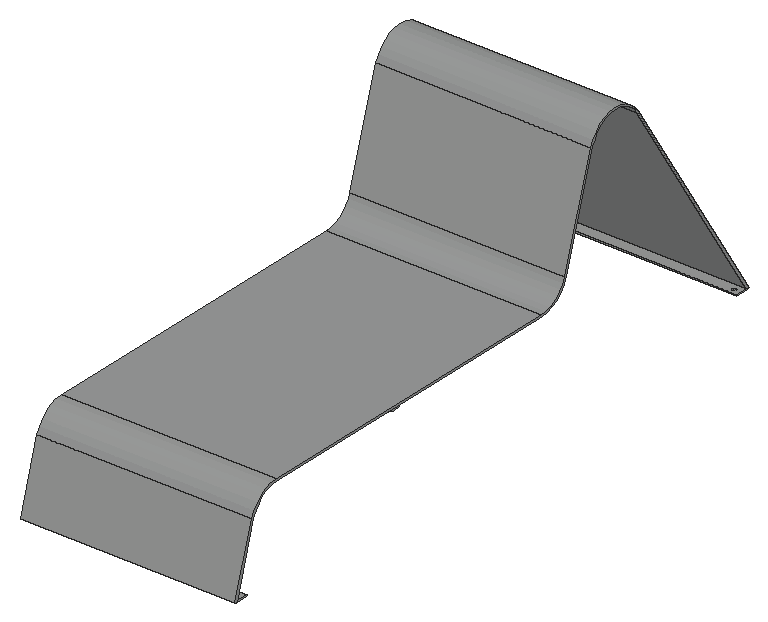
Revit family "2502-S", category Meble, Revit 2021
Family settings
  Numer OmniClass = 23.40.20.00
  Tytuł OmniClass = General Furniture and Specialties
  Oparty na płaszczyźnie roboczej = Nie
  Zawsze pionowo = Tak
  Tnij formami wycięć po wczytaniu = Nie
  Współdzielony = Nie
  Punkt obliczania pomieszczeń = Nie
Parameters (values of type "2502-S")
  metal = Mobilis Design RAL 9023
  Width = "70 cm"
  Weight = ""
  URL = ""
  Seat height = "29 cm"
  Product line = "AQUARIUS"
  Product Groups = ""
  Manufacturer = ""
  Keynote = ""
  Description = ""
  Model = "2502-S"
  Material = ""
  Maintenance = ""
  Lenght = "209 cm"
  Type Comments = ""
  Mobilis Design Materials = ""
  Hosted on = ""
  Height = "77 cm"
  Domyślna rzędna = 0.0 cm
  Copyright = "All designs and drawings are the common intellectual property of Lars Laj A/S and Tress and are protected by Danish and international copyright laws."
Reference planes (cm)
  plane 1 "front": y = 0
  plane 2: z = 0
  plane 3 "Środek (Lewa/Prawa)": x = 0
Forms (cm)
  Extrusion 1, solid, material "Mobilis Design RAL 9023" <- "metal", not visible
    sketch origin (0, 0, 0) x (0, 1, 0) y (0, 0, 1)
      loop
        arc (7.1187, 45.15) -> (5.7045, 44.5642) -> (5.1187, 43.15) r 2
        line (5.1187, 43.15) -> (5.1187, 1.8231)
        arc (5.1187, 1.8231) -> (5.6527, 0.534) -> (6.9418, 0) r 1.8231
        line (6.9418, 0) -> (15.3638, 0) -> (15.3638, 1.5) -> (44.8638, 1.5) -> (44.8638, 0) -> (52.7023, 0)
        arc (52.7023, 0) -> (54.2307, 0.6331) -> (54.8638, 2.1615) r 2.1615
        line (54.8638, 2.1615) -> (54.8638, 42.9407)
        arc (54.8638, 42.9407) -> (54.2168, 44.5029) -> (52.6545, 45.15) r 2.2093
        line (52.6545, 45.15) -> (7.1187, 45.15)
    from 75.0378 to 74.5
  Extrusion 2, solid, material "Mobilis Design RAL 9023" <- "metal", not visible
    sketch origin (0, 0, 0) x (0, 1, 0) y (0, 0, 1)
      loop
        line (54.8638, 39.6844) -> (62.9375, 85.4725) -> (60.1836, 85.9581)
        arc (60.1836, 85.9581) -> (58.5224, 85.5898) -> (57.6082, 84.1547) r 2.2232
        line (57.6082, 84.1547) -> (50.7306, 45.15) -> (52.6545, 45.15)
        arc (52.6545, 45.15) -> (54.2168, 44.5029) -> (54.8638, 42.9407) r 2.2093
        line (54.8638, 42.9407) -> (54.8638, 39.6844)
    from 74.5 to 75.0378
  Extrusion 3, solid, material "Mobilis Design RAL 9023" <- "metal"
    sketch origin (-3.3221, 33.1286, 0.5) x (0, 1, 0) y (0, 0, 1)
      loop
        line (69.9498, -0.5) -> (69.9498, 0) -> (65.9498, 0) -> (65.9498, -0.5) -> (69.9498, -0.5)
    from -31.6779 to 38.3221
  Extrusion 4, solid, material "Mobilis Design RAL 9023" <- "metal"
    sketch origin (-3.3221, -40.7707, 0.5) x (0, 1, 0) y (0, 0, 1)
      loop
        line (-63.6634, -0.5) -> (-59.6634, -0.5) -> (-59.6634, 0) -> (-63.6634, 0) -> (-63.6634, -0.5)
    from -31.6779 to 38.3221
  Extrusion 5, void
    sketch origin (-3.3221, 33.1286, 0) x (1, 0, 0) y (0, 1, 0)
      loop
        circle (36.3106, 67.4522) r 0.5753
    from -2.3203 to 1.8263
  Extrusion 6, void
    sketch origin (-69.3221, 33.1286, 0) x (1, 0, 0) y (0, 1, 0)
      loop
        circle (36.3106, 67.4522) r 0.5753
    from -2.3203 to 1.8263
  Extrusion 7, void
    sketch origin (-69.3221, -169.3749, 0) x (1, 0, 0) y (0, 1, 0)
      loop
        circle (36.3106, 67.4522) r 0.5753
    from -3.0415 to 1.8263
  Extrusion 8, void
    sketch origin (-3.3077, -169.3896, 0) x (1, 0, 0) y (0, 1, 0)
      loop
        circle (36.3106, 67.4522) r 0.5753
    from -3.0415 to 1.8263
  Extrusion 9, solid, material "Mobilis Design RAL 9023" <- "metal"
    sketch origin (10, -33.6268, 0) x (0, 1, 0) y (0, 0, 1)
      loop
        line (-71.4435, 0.1525) -> (-70.9673, 0) -> (-64.107, 21.4286)
        arc (-64.107, 21.4286) -> (-60.496, 26.4443) -> (-54.6264, 28.3795) r 10
        line (-54.6264, 28.3795) -> (53.3772, 28.8464)
        arc (53.3772, 28.8464) -> (59.5402, 30.8784) -> (63.3318, 36.1449) r 10.5
        line (63.3318, 36.1449) -> (73.9224, 69.2255)
        arc (73.9224, 69.2255) -> (82.1847, 76.0966) -> (91.9038, 71.5123) r 10
        line (91.9038, 71.5123) -> (137.0206, 0) -> (137.4435, 0.2668) -> (92.3267, 71.7791)
        arc (92.3267, 71.7791) -> (82.1216, 76.5926) -> (73.4463, 69.3779) r 10.5
        line (73.4463, 69.3779) -> (62.8556, 36.2973)
        arc (62.8556, 36.2973) -> (59.2445, 31.2816) -> (53.375, 29.3464) r 10
        line (53.375, 29.3464) -> (-54.6286, 28.8795)
        arc (-54.6286, 28.8795) -> (-60.7916, 26.8475) -> (-64.5832, 21.5811) r 10.5
        line (-64.5832, 21.5811) -> (-71.4435, 0.1525)
    from -45 to 25
  Extrusion 10, solid, material "Mobilis Design RAL 9023" <- "metal"
    sketch origin (-101.3073, -33.6268, 0) x (1, 0, 0) y (0, 1, 0)
      loop
        circle (101.3073, 32.7052) r 4
    from 0 to 0.5
  Extrusion 11, void
    sketch origin (-101.3073, -33.6268, 0) x (1, 0, 0) y (0, 1, 0)
      loop
        circle (101.3073, 32.7052) r 0.5
    from -1.0113 to 1.5884
  Extrusion 12, solid, material "Mobilis Design RAL 9023" <- "metal"
    sketch origin (-101.3073, -33.6268, 0) x (1, 0, 0) y (0, 1, 0)
      loop
        circle (101.3073, 32.7052) r 1.685
      loop
        circle (101.3073, 32.7052) r 1.485
    from 0.5 to 28.7495
Cuts and joins
  Extrusion 5, Extrusion 6 cuts Extrusion 3
  Extrusion 7, Extrusion 8 cuts Extrusion 4
  Extrusion 11 cuts Extrusion 10
Dimensions and locks (cm)
  aligned and locked: level to plane 2
